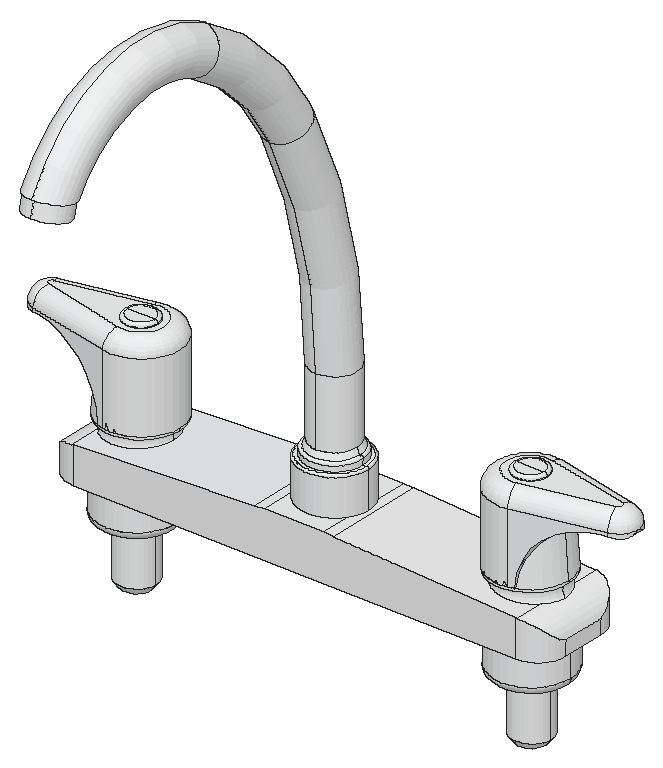
Revit family "435100001_Griferia Lavaplatos Dalia 8 Pulgadas", category Plumbing Fixtures, host Face, Revit 2020
Family settings
  Host = Face
  Round Connector Dimension = Use Diameter
  Part Type = Normal
  OmniClass Number = 23.31.11.00
  OmniClass Title = Faucets
  Cut with Voids When Loaded = No
  Shared = No
  Room Calculation Point = No
Parameters
  Work temperature = ""
  Vida útil = "500.000 ciclos."  # constant formula
  Temperaturas máxima de trabajo = "5ºC a 71ºC."  # constant formula
  Referencia = "435100001"  # constant formula
  URL = "https://www.grival.com/griferias-y-accesorios/griferia-para-cocina/griferias-lavaplatos-8-pulgadas/griferia-lavaplatos-dalia-8-pulgadas/"
  Profundidad = 221.4 mm  # constant formula
  Peso Neto aprox = "471,5 gr. / 1,03 lb."  # constant formula
  Peso Bruto aprox = "773,5 gr. / 1,7 lb."  # constant formula
  Model = "Conjunto  Griferia Lavaplatos 8 pulgadas Dalia"  # constant formula
  Material = Corona_Aluminio
  Manufacturer = "Grival"  # constant formula
  Garantía = "30  Años Grival - 2 Años Cromado"  # constant formula
  Fecha de creación = "06/04/2021"  # constant formula
  Description = "Resistente a la corrosión, pelado y decoloración por agua. Recubrimientos no tóxico. Condición de servicio recomendada, uso doméstico. Material Metálico (latón), mayor durabilidad, sistema apertura a 90º grados. Genera un chorro de agua espumoso, agradable al tacto y a la vista, ahorra agua. Acabado brillante, brinda la apariencia de material acero.nnGarantía por 45 añosn"  # constant formula
  Default Elevation = 1219.2 mm
  Creado por = "BIMBAU"  # constant formula
  Capacidad de flujo = "6,3 L/min."  # constant formula
  Ancho = 312 mm  # constant formula
  Alto = 343.8 mm  # constant formula
Reference planes
  plane 1 "Center (Front/Back)": y = 0
  plane 2: z = 0
  plane 3 "Center (Left/Right)": x = 0
  plane 4: y = 110.7
  plane 5: y = -110.7
  plane 6: x = -156
  plane 7: x = 156
  plane 8: z = 291.353
  plane 9: z = -52.447
  plane 10: y = 84.481
Forms (mm)
  Extrusion 1, solid, material "Corona_Aluminio" <- "Material", detail levels medium+fine
    sketch origin (0, 0, 0) x (1, 0, 0) y (0, 0, 1)
      loop
        line (-129, 0) -> (129, 0) -> (129, 3.822)
        arc (129, 3.822) -> (124.881, 14.147) -> (114.785, 18.801) r 15
        line (114.785, 18.801) -> (20.448, 23.745)
        arc (20.448, 23.745) -> (17.832, 23.848) -> (15.214, 23.882) r 100
        line (15.214, 23.882) -> (-15.214, 23.882)
        arc (-15.214, 23.882) -> (-17.832, 23.848) -> (-20.448, 23.745) r 100
        line (-20.448, 23.745) -> (-114.785, 18.801)
        arc (-114.785, 18.801) -> (-124.881, 14.147) -> (-129, 3.822) r 15
        line (-129, 3.822) -> (-129, 0)
    from -110.7 to -58.261
  Extrusion 2, void
    sketch origin (0, 0, 0) x (1, 0, 0) y (0, 1, 0)
      loop
        line (-136.308, 118.613) -> (-136.308, 48.613) -> (138.692, 48.613) -> (138.692, 118.613) -> (-136.308, 118.613)
      loop
        arc (-114, 110.2) -> (-124.253, 105.953) -> (-128.5, 95.7) r 14.5
        line (-128.5, 95.7) -> (-128.5, 73.261)
        arc (-128.5, 73.261) -> (-124.253, 63.008) -> (-114, 58.761) r 14.5
        line (-114, 58.761) -> (114, 58.761)
        arc (114, 58.761) -> (124.253, 63.008) -> (128.5, 73.261) r 14.5
        line (128.5, 73.261) -> (128.5, 95.7)
        arc (128.5, 95.7) -> (124.253, 105.953) -> (114, 110.2) r 14.5
        line (114, 110.2) -> (-114, 110.2)
    from -26.612 to 75.098
  Revolve 3, solid, material "Corona_Aluminio" <- "Material", detail levels medium+fine
    sketch origin (0, 84.481, 0) x (1, 0, 0) y (0, 0, 1)
      loop
        line (-14.7, 43.414) -> (-16.647, 43.414)
        arc (-16.647, 43.414) -> (-17.354, 43.121) -> (-17.647, 42.414) r 1
        line (-17.647, 42.414) -> (-17.647, 23.102) -> (0, 23.102) -> (0, 43.414) -> (0, 50.68) -> (-11.761, 50.68) -> (-13.2, 47.593)
        arc (-13.2, 47.593) -> (-14.261, 47.153) -> (-14.7, 46.093) r 1.5
        line (-14.7, 46.093) -> (-14.7, 43.414)
      axis (0, 50.68) -> (0, 23.102)
    angle from 0 to 360
  Sweep 4, solid, material "Corona_Aluminio" <- "Material", detail levels medium+fine
    path origin (0, 0, 0) x (0, 1, 0) y (0, 0, 1)
      loop
        line (96.242, 50.68) -> (96.242, 85.68)
        arc (96.242, 85.68) -> (87.954, 153.18) -> (63.582, 216.67) r 279.016
        arc (63.582, 216.67) -> (36.542, 253.212) -> (0, 280.252) r 153.775
        arc (0, 280.252) -> (-62.359, 286.256) -> (-110.7, 246.407) r 81.853
    profile origin (0, 96.242, 68.18) x (0, -1, 0) y (1, 0, 0)
      loop
        circle (11.761, 0) r 11.761
  Extrusion 5, void
    sketch origin (0, 0, 0) x (0, 1, 0) y (0, 0, 1)
      loop
        line (-118.097, 248.252) -> (-118.097, 231.203) -> (-74.433, 220.317) -> (-74.433, 237.365) -> (-118.097, 248.252)
    from -103.55 to 26.974
  Revolve 6, solid, material "Corona_Aluminio" <- "Material", detail levels medium+fine
    sketch origin (0, 0, 0) x (0, 1, 0) y (0, 0, 1)
      loop
        line (-88.052, 240.761) -> (-98.787, 243.437) -> (-100.755, 235.547) -> (-90.019, 232.87) -> (-88.052, 240.761)
      axis (-98.787, 243.437) -> (-100.755, 235.547)
    angle from 0 to 360
  Revolve 7, solid, material "Corona_Aluminio" <- "Material", detail levels medium+fine
    sketch origin (1.875, 84.481, 0) x (1, 0, 0) y (0, 0, 1)
      loop
        line (-123.721, 0) -> (-123.721, -17.615)
        arc (-123.721, -17.615) -> (-122.549, -20.443) -> (-119.721, -21.615) r 4
        line (-119.721, -21.615) -> (-113.721, -21.615) -> (-113.721, -49.29) -> (-111.51, -52.447) -> (-103.721, -52.447) -> (-103.721, -21.615) -> (-103.721, 0) -> (-123.721, 0)
      axis (-103.721, 0) -> (-103.721, -52.447)
    angle from 0 to 360
  Revolve 8, solid, material "Corona_Aluminio" <- "Material", detail levels medium+fine
    sketch origin (-1.875, 84.481, 0) x (-1, 0, 0) y (0, 0, -1)
      loop
        line (-123.721, 0) -> (-103.721, 0) -> (-103.721, 21.615) -> (-103.721, 52.447) -> (-111.51, 52.447) -> (-113.721, 49.29) -> (-113.721, 21.615) -> (-119.721, 21.615)
        arc (-119.721, 21.615) -> (-122.549, 20.443) -> (-123.721, 17.615) r 4
        line (-123.721, 17.615) -> (-123.721, 0)
      axis (-103.721, 0) -> (-103.721, 52.447)
    angle from 0 to 360
  Extrusion 9, solid, material "Corona_Aluminio" <- "Material", detail levels medium+fine
    sketch origin (-0.037, 120.364, 15.841) x (-1, 0, 0) y (0, -1, 0)
      loop
        line (104.476, 15.481) -> (148.179, 25.24)
        arc (148.179, 25.24) -> (156, 35) -> (148.179, 44.76) r 10
        line (148.179, 44.76) -> (104.476, 54.519)
        arc (104.476, 54.519) -> (80.117, 35) -> (104.476, 15.481) r 20
    from 10.998 to 55
  Extrusion 10, void
    sketch origin (-0.037, 120.364, 15.841) x (-1, 0, 0) y (0, 0, -1)
      loop
        arc (153.857, -44.795) -> (155.334, -45.306) -> (156, -46.72) r 2.012
        line (156, -46.72) -> (156, -10.998) -> (107.375, -10.998)
        arc (107.375, -10.998) -> (119.16, -36.224) -> (145.466, -45.349) r 35.758
        line (145.466, -45.349) -> (153.857, -44.795)
    from 0 to 75.224
  Sweep 11, void
    path origin (-0.037, 120.364, 70.841) x (-1, 0, 0) y (0, -1, 0)
      loop
        arc (148.179, 25.24) -> (156, 35) -> (148.179, 44.76) r 10
        line (148.179, 44.76) -> (104.476, 54.519)
        arc (104.476, 54.519) -> (80.117, 35) -> (104.476, 15.481) r 20
        line (104.476, 15.481) -> (148.179, 25.24)
    profile origin (-126.364, 100.004, 70.841) x (-0.217944, 0.975961, 0) y (0, 0, 1)
      loop
        line (0, 0) -> (-8, 0)
        arc (-8, 0) -> (-2.343, -2.343) -> (0, -8) r 8
        line (0, -8) -> (0, 0)
  Revolve 12, solid, material "Corona_Aluminio" <- "Material", detail levels medium+fine
    sketch origin (-0.037, 85.364, 27.868) x (0, 0, -1) y (-1, 0, 0)
      loop
        line (1.03, 120.428) -> (-28.629, 118.354) -> (-28.629, 109.031) -> (-43.025, 109.031)
        arc (-43.025, 109.031) -> (-44.159, 108.562) -> (-44.629, 107.428) r 1.603
        line (-44.629, 107.428) -> (-44.629, 100.428) -> (12.027, 100.428) -> (12.027, 120.428)
        arc (12.027, 120.428) -> (7.601, 117.412) -> (2.262, 117.838) r 8.055
        line (2.262, 117.838) -> (2.262, 120.428) -> (1.03, 120.428)
      axis (-44.629, 100.428) -> (12.027, 100.428)
    angle from 0 to 360
  Extrusion 13, solid, material "Corona_Aluminio" <- "Material", detail levels medium+fine
    sketch origin (0.037, 120.364, 15.841) x (1, 0, 0) y (0, 1, 0)
      loop
        arc (104.476, -15.481) -> (80.117, -35) -> (104.476, -54.519) r 20
        line (104.476, -54.519) -> (148.179, -44.76)
        arc (148.179, -44.76) -> (156, -35) -> (148.179, -25.24) r 10
        line (148.179, -25.24) -> (104.476, -15.481)
    from 10.998 to 55
  Extrusion 14, void
    sketch origin (0.037, 120.364, 15.841) x (1, 0, 0) y (0, 0, 1)
      loop
        line (153.857, 44.795) -> (145.466, 45.349)
        arc (145.466, 45.349) -> (119.16, 36.224) -> (107.375, 10.998) r 35.758
        line (107.375, 10.998) -> (156, 10.998) -> (156, 46.72)
        arc (156, 46.72) -> (155.334, 45.306) -> (153.857, 44.795) r 2.012
    from 0 to 75.224
  Sweep 15, void
    path origin (0.037, 120.364, 70.841) x (1, 0, 0) y (0, 1, 0)
      loop
        line (148.179, -25.24) -> (104.476, -15.481)
        arc (104.476, -15.481) -> (80.117, -35) -> (104.476, -54.519) r 20
        line (104.476, -54.519) -> (148.179, -44.76)
        arc (148.179, -44.76) -> (156, -35) -> (148.179, -25.24) r 10
    profile origin (126.364, 100.004, 70.841) x (-0.217944, -0.975961, 0) y (0, 0, 1)
      loop
        line (0, 0) -> (0, -8)
        arc (0, -8) -> (2.343, -2.343) -> (8, 0) r 8
        line (8, 0) -> (0, 0)
  Revolve 16, solid, material "Corona_Aluminio" <- "Material", detail levels medium+fine
    sketch origin (0.037, 85.364, 27.868) x (0, 0, -1) y (-1, 0, 0)
      loop
        line (1.03, -120.428) -> (2.262, -120.428) -> (2.262, -117.838)
        arc (2.262, -117.838) -> (7.601, -117.412) -> (12.027, -120.428) r 8.055
        line (12.027, -120.428) -> (12.027, -100.428) -> (-44.629, -100.428) -> (-44.629, -107.428)
        arc (-44.629, -107.428) -> (-44.159, -108.562) -> (-43.025, -109.031) r 1.603
        line (-43.025, -109.031) -> (-28.629, -109.031) -> (-28.629, -118.354) -> (1.03, -120.428)
      axis (-44.629, -100.428) -> (12.027, -100.428)
    angle from 0 to 360
  Extrusion 17, solid, material "Corona_Aluminio" <- "Material", detail levels coarse
    sketch origin (0, 0, 0) x (1, 0, 0) y (0, 1, 0)
      loop
        line (-156, 110.7) -> (-156, -110.7) -> (156, -110.7) -> (156, 110.7) -> (-156, 110.7)
    from 0 to 289.801
Cuts and joins
  Extrusion 2 cuts Extrusion 1
  Extrusion 5 cuts Sweep 4
  Extrusion 10, Sweep 11, Extrusion 14, Sweep 15 cuts Extrusion 9
  Extrusion 14 cuts Revolve 12
  Extrusion 14, Sweep 15 cuts Extrusion 13
Dimensions and locks
  equal spacing: plane 6, plane 3 "Center (Left/Right)", plane 7
  "Ancho": plane 6 to plane 7
  equal spacing: plane 4, plane 1 "Center (Front/Back)", plane 5
  "Profundidad": plane 4 to plane 5
  "Alto": plane 8 to plane 9
  locked: level to plane 9 at 52.447
  aligned and locked: plane 2 to host face
  aligned and locked: level to host face
  aligned and locked: nested 1 to level
  aligned and locked: plane 3 "Center (Left/Right)" to nested 1
  aligned and locked: nested 2 to plane 4
  aligned and locked: nested 2 to level
Automatic sketch dimensions
  host sketch curve to host sketch curve = 412 mm
  host sketch curve to host sketch curve = 321.4 mm
  Extrusion 1 sketch curve to level = 0 mm
  plane 6 to Extrusion 1 sketch curve = 27 mm
  level to Extrusion 1 sketch curve = 18.801 mm  (x2)
  Extrusion 1 sketch curve to Extrusion 1 sketch curve = 14.215 mm
  level to Extrusion 1 sketch curve = 3.822 mm  (x2)
  Extrusion 1 sketch curve to plane 3 "Center (Left/Right)" = 20.448 mm
  Extrusion 1 sketch curve to plane 3 "Center (Left/Right)" = 15.214 mm
  plane 3 "Center (Left/Right)" to Extrusion 1 sketch curve = 15.214 mm
  Extrusion 1 sketch curve to Extrusion 1 sketch curve = 5.234 mm
  Extrusion 1 sketch curve to plane 7 = 42 mm
  Extrusion 1 sketch curve to Extrusion 1 sketch curve = 0.785 mm
  plane 9 to Extrusion 1 sketch curve = 23.671 mm  (x2)
  level to Extrusion 1 sketch curve = 23.745 mm
  plane 6 to Extrusion 2 sketch curve = 19.692 mm
  Extrusion 2 sketch curve to Extrusion 2 sketch curve = 7.808 mm
  Extrusion 2 sketch curve to plane 4 = 0.5 mm
  Extrusion 2 sketch curve to Extrusion 2 sketch curve = 14.5 mm  (x2)
  plane 10 to Extrusion 2 sketch curve = 11.219 mm  (x2)
  Extrusion 2 sketch curve to plane 7 = 42 mm
  Extrusion 2 sketch curve to Extrusion 2 sketch curve = 0 mm
  plane 4 to Extrusion 2 sketch curve = 7.913 mm
  Extrusion 2 sketch curve to plane 7 = 17.308 mm
  Extrusion 2 sketch curve to Extrusion 2 sketch curve = 24.649 mm
  Revolve 3 sketch curve to plane 3 "Center (Left/Right)" = 0 mm  (x2)
  Revolve 3 sketch curve to plane 3 "Center (Left/Right)" = 11.761 mm
  Revolve 3 sketch curve to Revolve 3 sketch curve = 1.44 mm
  Revolve 3 sketch curve to Revolve 3 sketch curve = 1.5 mm
  Revolve 3 sketch curve to Revolve 3 sketch curve = 1.947 mm
  Revolve 3 sketch curve to plane 3 "Center (Left/Right)" = 17.647 mm
  level to Revolve 3 sketch curve = 23.102 mm
  Revolve 3 sketch curve to Revolve 3 sketch curve = 19.312 mm
  Revolve 3 sketch curve to Revolve 3 sketch curve = 0 mm
  Revolve 3 sketch curve to Revolve 3 sketch curve = 2.678 mm
  Revolve 3 sketch curve to Revolve 3 sketch curve = 3.087 mm
  Revolve 3 sketch curve to Revolve 3 sketch curve = 8.106 mm
  Revolve 3 sketch curve to Revolve 3 sketch curve = 5 mm
  Sweep 4 sketch curve to plane 5 = 0 mm
  Sweep 4 sketch curve to plane 1 "Center (Front/Back)" = 0 mm  (x2)
  Sweep 4 sketch curve to plane 5 = 72.074 mm
  plane 5 to Sweep 4 sketch curve = 38.507 mm
  plane 1 "Center (Front/Back)" to Sweep 4 sketch curve = 38.428 mm
  Sweep 4 sketch curve to plane 10 = 11.761 mm
  level to Sweep 4 sketch curve = 85.68 mm
  Sweep 4 sketch curve to Sweep 4 sketch curve = 58.797 mm
  Sweep 4 sketch curve to Sweep 4 sketch curve = 63.503 mm
  Sweep 4 sketch curve to Sweep 4 sketch curve = 35 mm
  Sweep 4 sketch curve to plane 3 "Center (Left/Right)" = 0 mm
  Sweep 4 sketch curve to profile plane = 11.761 mm
  Extrusion 5 sketch curve to plane 5 = 7.397 mm
  plane 5 to Extrusion 5 sketch curve = 36.267 mm
  Extrusion 5 sketch curve to plane 8 = 71.036 mm
  Extrusion 5 sketch curve to Extrusion 5 sketch curve = 10.886 mm
  Extrusion 5 sketch curve to Extrusion 5 sketch curve = 17.049 mm  (x2)
  plane 5 to Revolve 6 sketch curve = 9.945 mm
  Revolve 6 sketch curve to Revolve 6 sketch curve = 1.967 mm
  Revolve 6 sketch curve to Revolve 6 sketch curve = 10.736 mm
  Revolve 6 sketch curve to plane 8 = 58.483 mm
  Revolve 6 sketch curve to Revolve 6 sketch curve = 2.677 mm
  Revolve 6 sketch curve to Revolve 6 sketch curve = 0.222 mm
  Revolve 6 sketch curve to Revolve 6 sketch curve = 0.758 mm
  Revolve 6 sketch curve to Revolve 6 sketch curve = 0.892 mm
  Revolve 6 sketch curve to Revolve 6 sketch curve = 3.039 mm
  Revolve 7 sketch curve to level = 0 mm
  Revolve 7 sketch curve to plane 9 = 0 mm
  plane 6 to Revolve 7 sketch curve = 34.154 mm
  Revolve 7 sketch curve to Revolve 7 sketch curve = 4 mm
  Revolve 7 sketch curve to Revolve 7 sketch curve = 6 mm
  Revolve 7 sketch curve to Revolve 7 sketch curve = 2.211 mm
  Revolve 7 sketch curve to Revolve 7 sketch curve = 20 mm
  Revolve 7 sketch curve to plane 9 = 3.157 mm
  Revolve 7 sketch curve to level = 21.615 mm
  Revolve 7 sketch curve to Revolve 7 sketch curve = 0 mm  (x2)
  Revolve 7 sketch curve to Revolve 7 sketch curve = 4.488 mm
  Revolve 7 sketch curve to Revolve 7 sketch curve = 5.512 mm
  Revolve 8 sketch curve to level = 0 mm
  Revolve 8 sketch curve to plane 9 = 0 mm
  Revolve 8 sketch curve to plane 7 = 34.154 mm
  Revolve 8 sketch curve to Revolve 8 sketch curve = 4 mm
  Revolve 8 sketch curve to Revolve 8 sketch curve = 6 mm
  Revolve 8 sketch curve to Revolve 8 sketch curve = 2.211 mm
  Revolve 8 sketch curve to Revolve 8 sketch curve = 20 mm
  Revolve 8 sketch curve to Revolve 8 sketch curve = 17.615 mm
  Revolve 8 sketch curve to Revolve 8 sketch curve = 0 mm  (x2)
  Revolve 8 sketch curve to plane 9 = 3.157 mm
  Revolve 8 sketch curve to Revolve 8 sketch curve = 5.512 mm
  Revolve 8 sketch curve to Revolve 8 sketch curve = 4.488 mm
  plane 10 to Extrusion 9 sketch curve = 0.884 mm  (x2)
  Extrusion 9 sketch curve to plane 6 = 55.847 mm
  Extrusion 9 sketch curve to plane 10 = 18.636 mm
  Extrusion 9 sketch curve to Extrusion 9 sketch curve = 4.359 mm
  plane 4 to Extrusion 9 sketch curve = 5.817 mm
  Extrusion 9 sketch curve to plane 6 = 9.963 mm
  Extrusion 9 sketch curve to plane 6 = 7.784 mm  (x2)
  Extrusion 9 sketch curve to plane 10 = 8.876 mm
  Extrusion 10 sketch curve to plane 6 = 48.588 mm
  Extrusion 10 sketch curve to plane 6 = 12.855 mm
  Extrusion 10 sketch curve to plane 6 = 10.498 mm
  Extrusion 10 sketch curve to plane 6 = 2.106 mm
  Extrusion 10 sketch curve to plane 6 = 1.974 mm
  plane 6 to Extrusion 10 sketch curve = 0.037 mm
  Extrusion 10 sketch curve to level = 25.511 mm
  Extrusion 10 sketch curve to Extrusion 10 sketch curve = 1.328 mm
  Extrusion 10 sketch curve to Extrusion 10 sketch curve = 0.554 mm
  Extrusion 10 sketch curve to Extrusion 10 sketch curve = 1.925 mm
  Sweep 11 sketch curve to plane 10 = 0.884 mm  (x2)
  plane 6 to Sweep 11 sketch curve = 55.847 mm
  Sweep 11 sketch curve to plane 4 = 5.817 mm
  Sweep 11 sketch curve to Sweep 11 sketch curve = 4.359 mm
  plane 10 to Sweep 11 sketch curve = 18.636 mm
  plane 6 to Sweep 11 sketch curve = 9.963 mm
  plane 6 to Sweep 11 sketch curve = 7.784 mm  (x2)
  Sweep 11 sketch curve to Sweep 11 sketch curve = 9.76 mm
  profile plane to Sweep 11 sketch curve = 0 mm
  Sweep 11 sketch curve to profile plane = 0 mm
  profile plane to Sweep 11 sketch curve = 8 mm
  level to Revolve 12 sketch curve = 72.497 mm
  Revolve 12 sketch curve to Revolve 12 sketch curve = 1.603 mm
  Revolve 12 sketch curve to Revolve 12 sketch curve = 14.397 mm
  level to Revolve 12 sketch curve = 26.839 mm
  Revolve 12 sketch curve to Revolve 12 sketch curve = 1.233 mm
  Revolve 12 sketch curve to Revolve 12 sketch curve = 3.274 mm
  Revolve 12 sketch curve to Revolve 12 sketch curve = 6.491 mm
  plane 6 to Revolve 12 sketch curve = 55.535 mm
  Revolve 12 sketch curve to Revolve 12 sketch curve = 7 mm
  Revolve 12 sketch curve to Revolve 12 sketch curve = 17.41 mm
  Revolve 12 sketch curve to Revolve 12 sketch curve = 9.323 mm
  Revolve 12 sketch curve to Revolve 12 sketch curve = 2.59 mm
  Revolve 12 sketch curve to Revolve 12 sketch curve = 0 mm  (x2)
  Revolve 12 sketch curve to Revolve 12 sketch curve = 12.027 mm
  level to Revolve 12 sketch curve = 2.868 mm
  Extrusion 13 sketch curve to plane 10 = 0.884 mm  (x2)
  Extrusion 13 sketch curve to plane 7 = 55.847 mm
  plane 10 to Extrusion 13 sketch curve = 18.636 mm
  Extrusion 13 sketch curve to Extrusion 13 sketch curve = 4.359 mm
  Extrusion 13 sketch curve to plane 4 = 5.817 mm
  Extrusion 13 sketch curve to plane 7 = 9.963 mm
  Extrusion 13 sketch curve to plane 7 = 7.784 mm  (x2)
  plane 10 to Extrusion 13 sketch curve = 8.876 mm
  Extrusion 14 sketch curve to plane 7 = 48.588 mm
  Extrusion 14 sketch curve to plane 7 = 12.855 mm
  Extrusion 14 sketch curve to plane 7 = 10.498 mm
  Extrusion 14 sketch curve to plane 7 = 2.106 mm
  Extrusion 14 sketch curve to plane 7 = 1.974 mm
  plane 7 to Extrusion 14 sketch curve = 0.037 mm
  level to Extrusion 14 sketch curve = 25.511 mm
  Extrusion 14 sketch curve to Extrusion 14 sketch curve = 1.328 mm
  Extrusion 14 sketch curve to Extrusion 14 sketch curve = 0.554 mm
  Extrusion 14 sketch curve to Extrusion 14 sketch curve = 1.925 mm
  Sweep 15 sketch curve to plane 10 = 0.884 mm  (x2)
  Sweep 15 sketch curve to plane 7 = 55.847 mm
  Sweep 15 sketch curve to plane 4 = 5.817 mm
  Sweep 15 sketch curve to Sweep 15 sketch curve = 4.359 mm
  plane 10 to Sweep 15 sketch curve = 18.636 mm
  Sweep 15 sketch curve to plane 7 = 9.963 mm
  Sweep 15 sketch curve to plane 7 = 7.784 mm  (x2)
  plane 10 to Sweep 15 sketch curve = 8.876 mm
  Sweep 15 sketch curve to profile plane = 0 mm
  profile plane to Sweep 15 sketch curve = 0 mm
  Sweep 15 sketch curve to profile plane = 8 mm
  level to Revolve 16 sketch curve = 72.497 mm
  Revolve 16 sketch curve to Revolve 16 sketch curve = 1.603 mm
  Revolve 16 sketch curve to Revolve 16 sketch curve = 14.397 mm
  level to Revolve 16 sketch curve = 26.839 mm
  Revolve 16 sketch curve to Revolve 16 sketch curve = 1.233 mm
  Revolve 16 sketch curve to Revolve 16 sketch curve = 3.274 mm
  Revolve 16 sketch curve to Revolve 16 sketch curve = 6.491 mm
  Revolve 16 sketch curve to plane 7 = 30.766 mm
  Revolve 16 sketch curve to Revolve 16 sketch curve = 4.769 mm  (x2)
  Revolve 16 sketch curve to Revolve 16 sketch curve = 2.074 mm
  Revolve 16 sketch curve to Revolve 16 sketch curve = 9.323 mm
  Revolve 16 sketch curve to Revolve 16 sketch curve = 17.41 mm
  Revolve 16 sketch curve to Revolve 16 sketch curve = 12.027 mm
  level to Revolve 16 sketch curve = 2.868 mm
  Revolve 16 sketch curve to Revolve 16 sketch curve = 0 mm
  Extrusion 17 sketch curve to plane 5 = 0 mm
  Extrusion 17 sketch curve to plane 6 = 0 mm
  Extrusion 17 sketch curve to plane 7 = 0 mm
  Extrusion 17 sketch curve to plane 4 = 0 mm
  radius of Sweep 4 sketch curve = 11.761 mm
Nested families
  nested 1: "Frontal" at (0, 0, 0) x (1, 0, 0) z (0, -1, 0), type "Frontal"
  nested 2: "Lateral" at (0, 0, 0) x (0, 1, 0) z (1, 0, 0), type "Lateral"
Connectors
  piping at (-101.846, 84.481, -52.447), diameter 12.7
    settings: on Revolve 7, index 1, connector inside diameter 609.6 mm, connector length 0 mm, flow factor 0, pipe flow 0.0 L/s, pressure drop 0.0 Pa, fitting loss kfactor 0, connector angle 0.00°, fixture units 0, engagement length 0 mm, angle of deflection 0.00°, flow configuration 0, flow direction 1, fitting loss method 0, system type 19, joint type 0, gender type 0, connector reference index -1, connector utility 0, adjustable connector no, is connector primary yes, connector description ""
  piping at (101.846, 84.481, -52.447), diameter 12.7
    settings: on Revolve 8, index 2, connector inside diameter 609.6 mm, connector length 0 mm, flow factor 0, pipe flow 0.0 L/s, pressure drop 0.0 Pa, fitting loss kfactor 0, connector angle 0.00°, fixture units 0, engagement length 0 mm, angle of deflection 0.00°, flow configuration 0, flow direction 1, fitting loss method 0, system type 20, joint type 0, gender type 0, connector reference index -1, connector utility 0, adjustable connector no, is connector primary no, connector description ""
Definition of nested family "Frontal"
  Parameters (values of type "Family1")
    Ancho = 312 mm
    Alto = 293.9 mm
  Reference planes
    plane 1 "Center (Front/Back)": y = 0
    plane 2: z = 0
    plane 3 "Center (Left/Right)": x = 0
    plane 4: x = -156
    plane 5: x = 156
    plane 6: y = 293.9
  Lines and regions (mm)
    Masking region 1, in view "Ref. Level"
      outline origin (0, 0, 0) x (1, 0, 0) y (0, 1, 0)
        loop
          line (-126.6, 0) -> (126.6, 0) -> (126.6, 9.216)
          arc (126.6, 9.216) -> (124.955, 14.711) -> (120.561, 18.398) r 10
          arc (120.561, 18.398) -> (118.804, 19.873) -> (118.146, 22.07) r 4
          line (118.146, 22.07) -> (118.146, 27.694) -> (121.779, 27.694) -> (120.321, 55.518)
          arc (120.321, 55.518) -> (132.042, 61.578) -> (145.168, 62.919) r 35.355
          line (145.168, 62.919) -> (153.119, 62.235)
          arc (153.119, 62.235) -> (155.965, 64.486) -> (153.89, 67.463) r 2.647
          arc (153.89, 67.463) -> (121.512, 71.126) -> (89.021, 68.663) r 173.303
          arc (89.021, 68.663) -> (84.393, 66.093) -> (82.383, 61.197) r 8
          line (82.383, 61.197) -> (80.628, 27.694) -> (84.134, 27.694) -> (84.134, 25.046)
          arc (84.134, 25.046) -> (83.186, 22.857) -> (80.94, 22.051) r 3.001
          arc (80.94, 22.051) -> (50.949, 23.618) -> (20.929, 24.472) r 1264.202
          arc (20.929, 24.472) -> (18.837, 25.369) -> (17.974, 27.476) r 3.004
          line (17.974, 27.476) -> (17.974, 44.998)
          arc (17.974, 44.998) -> (16.635, 49.878) -> (12.045, 52.007) r 6.012
          line (12.045, 52.007) -> (12.045, 241.626)
          spline (12.045, 241.626) -> (12.652, 241.887) -> (13.214, 242.16) -> (13.728, 242.445) -> (14.194, 242.74) -> (14.608, 243.045) -> (14.971, 243.358) -> (15.28, 243.677) -> (15.534, 244.003) -> (15.733, 244.334) -> (15.875, 244.668) -> (15.961, 245.005) -> (15.989, 245.342)
          line (15.989, 245.342) -> (11.932, 283.18)
          arc (11.932, 283.18) -> (0, 293.9) -> (-11.932, 283.18) r 12
          line (-11.932, 283.18) -> (-15.989, 245.342)
          spline (-15.989, 245.342) -> (-15.961, 245.005) -> (-15.875, 244.668) -> (-15.733, 244.334) -> (-15.534, 244.003) -> (-15.28, 243.677) -> (-14.971, 243.358) -> (-14.608, 243.045) -> (-14.194, 242.74) -> (-13.728, 242.445) -> (-13.214, 242.16) -> (-12.652, 241.887) -> (-12.045, 241.626)
          line (-12.045, 241.626) -> (-12.045, 52.007)
          arc (-12.045, 52.007) -> (-16.635, 49.878) -> (-17.974, 44.998) r 6.012
          line (-17.974, 44.998) -> (-17.974, 27.476)
          arc (-17.974, 27.476) -> (-18.837, 25.369) -> (-20.929, 24.472) r 3.004
          arc (-20.929, 24.472) -> (-50.949, 23.618) -> (-80.94, 22.051) r 1264.202
          arc (-80.94, 22.051) -> (-83.186, 22.857) -> (-84.134, 25.046) r 3.001
          line (-84.134, 25.046) -> (-84.134, 27.694) -> (-80.628, 27.694) -> (-82.383, 61.197)
          arc (-82.383, 61.197) -> (-84.393, 66.093) -> (-89.021, 68.663) r 8
          arc (-89.021, 68.663) -> (-121.512, 71.126) -> (-153.89, 67.463) r 173.303
          arc (-153.89, 67.463) -> (-155.965, 64.486) -> (-153.119, 62.235) r 2.647
          line (-153.119, 62.235) -> (-145.168, 62.919)
          arc (-145.168, 62.919) -> (-132.042, 61.578) -> (-120.321, 55.518) r 35.355
          line (-120.321, 55.518) -> (-121.779, 27.694) -> (-118.146, 27.694) -> (-118.146, 22.07)
          arc (-118.146, 22.07) -> (-118.804, 19.873) -> (-120.561, 18.398) r 4
          arc (-120.561, 18.398) -> (-124.955, 14.711) -> (-126.6, 9.216) r 10
          line (-126.6, 9.216) -> (-126.6, 0)
    detail lines, in view "Ref. Level"
      curve 1: arc (-20.804, 24.476, 0) -> (-10.283, 24.606, 0) -> (0.239, 24.648, 0) r 1264.204
      curve 2: arc (120.561, 18.398, 0) -> (119.076, 18.904, 0) -> (117.53, 19.172, 0) r 10
      curve 3: arc (0.239, 24.648, 0) -> (10.588, 24.603, 0) -> (20.937, 24.474, 0) r 1264.204
      curve 4: line (-17.986, 45, 0) -> (17.986, 45, 0)
      curve 5: line (-12.07, 52, 0) -> (12.07, 52, 0)
      curve 6: spline (0, 231.859, 0) -> (-2.196, 231.959, 0) -> (-4.243, 232.252, 0) -> (-6.001, 232.719, 0) -> (-7.35, 233.327, 0) -> (-8.197, 234.035, 0) -> (-8.487, 234.795, 0) -> (-8.197, 235.555, 0) -> (-7.35, 236.263, 0) -> (-6.001, 236.871, 0) -> (-4.243, 237.338, 0) -> (-2.196, 237.631, 0) -> (0, 237.731, 0) -> (2.196, 237.631, 0) -> (4.243, 237.338, 0) -> (6.001, 236.871, 0) -> (7.35, 236.263, 0) -> (8.197, 235.555, 0) -> (8.487, 234.795, 0) -> (8.197, 234.035, 0) -> (7.35, 233.327, 0) -> (6.001, 232.719, 0) -> (4.243, 232.252, 0) -> (2.196, 231.959, 0) -> (0, 231.859, 0)
      curve 7: spline (-9.157, 241.043, 0) -> (-11.376, 241.9, 0) -> (-11.982, 242.875, 0) -> (-10.887, 243.829, 0) -> (-8.248, 244.628, 0) -> (-4.439, 245.157, 0) -> (0, 245.342, 0) -> (4.439, 245.157, 0) -> (8.248, 244.628, 0) -> (10.887, 243.829, 0) -> (11.982, 242.875, 0) -> (11.376, 241.9, 0) -> (9.157, 241.043, 0)
      curve 8: spline (-9.12, 240.7, 0) -> (-9.387, 240.767, 0) -> (-9.651, 240.836, 0) -> (-9.91, 240.907, 0) -> (-10.166, 240.98, 0) -> (-10.417, 241.055, 0) -> (-10.663, 241.131, 0) -> (-10.905, 241.209, 0) -> (-11.143, 241.289, 0) -> (-11.376, 241.371, 0) -> (-11.604, 241.454, 0) -> (-11.827, 241.539, 0) -> (-12.045, 241.626, 0)
      curve 9: spline (-13.442, 245.26, 0) -> (-12.984, 245.937, 0) -> (-11.641, 246.568, 0) -> (-9.505, 247.11, 0) -> (-6.721, 247.525, 0) -> (-3.479, 247.787, 0) -> (0, 247.876, 0) -> (3.479, 247.787, 0) -> (6.721, 247.525, 0) -> (9.505, 247.11, 0) -> (11.641, 246.568, 0) -> (12.984, 245.937, 0) -> (13.442, 245.26, 0)
      curve 10: line (-12, 242.731, 0) -> (-13.442, 245.26, 0)
      curve 11: line (12, 242.731, 0) -> (13.442, 245.26, 0)
      curve 12: line (-8.487, 234.795, 0) -> (-9.287, 242.254, 0)
      curve 13: line (8.487, 234.795, 0) -> (9.287, 242.254, 0)
      curve 14: spline (-9.287, 242.254, 0) -> (-8.97, 242.724, 0) -> (-8.042, 243.162, 0) -> (-6.567, 243.538, 0) -> (-4.643, 243.826, 0) -> (-2.404, 244.008, 0) -> (0, 244.069, 0) -> (2.404, 244.008, 0) -> (4.643, 243.826, 0) -> (6.567, 243.538, 0) -> (8.042, 243.162, 0) -> (8.97, 242.724, 0) -> (9.287, 242.254, 0)
      curve 15: arc (106.779, 27.694, 0) -> (110.345, 43.166, 0) -> (120.321, 55.518, 0) r 35.355
      curve 16: line (106.779, 27.694, 0) -> (84.134, 27.694, 0)
      curve 17: arc (155.751, 63.765, 0) -> (119.109, 65.684, 0) -> (82.557, 62.488, 0) r 263.141
      curve 18: line (106.779, 27.694, 0) -> (121.779, 27.694, 0)
      curve 19: line (-126.6, 9.216, 0) -> (126.6, 9.216, 0)
      curve 20: arc (-125.961, 12.733, 0) -> (0, 18.414, 0) -> (125.961, 12.733, 0) r 1399.345
      curve 21: arc (81.066, 22.046, 0) -> (99.308, 20.741, 0) -> (117.53, 19.172, 0) r 1264.204
      curve 22: spline (-15.989, 245.342, 0) -> (-15.428, 246.827, 0) -> (-13.782, 248.208, 0) -> (-11.167, 249.387, 0) -> (-7.768, 250.282, 0) -> (-3.824, 250.83, 0) -> (0.39, 250.992, 0) -> (4.576, 250.758, 0) -> (8.441, 250.142, 0) -> (11.712, 249.19, 0) -> (14.161, 247.967, 0) -> (15.614, 246.56, 0) -> (15.97, 245.067, 0)
      curve 23: spline (12.045, 241.626, 0) -> (11.827, 241.539, 0) -> (11.604, 241.454, 0) -> (11.376, 241.371, 0) -> (11.143, 241.289, 0) -> (10.905, 241.209, 0) -> (10.663, 241.131, 0) -> (10.417, 241.055, 0) -> (10.166, 240.98, 0) -> (9.91, 240.907, 0) -> (9.651, 240.836, 0) -> (9.387, 240.767, 0) -> (9.12, 240.7, 0)
      curve 24: arc (-120.561, 18.398, 0) -> (-119.076, 18.904, 0) -> (-117.53, 19.172, 0) r 10
      curve 25: arc (-106.779, 27.694, 0) -> (-110.345, 43.166, 0) -> (-120.321, 55.518, 0) r 35.355
      curve 26: line (-106.779, 27.694, 0) -> (-84.134, 27.694, 0)
      curve 27: arc (-155.751, 63.765, 0) -> (-119.109, 65.684, 0) -> (-82.557, 62.488, 0) r 263.141
      curve 28: line (-106.779, 27.694, 0) -> (-121.779, 27.694, 0)
      curve 29: arc (-81.066, 22.046, 0) -> (-99.308, 20.741, 0) -> (-117.53, 19.172, 0) r 1264.204
  Dimensions and locks
    equal spacing: plane 4, plane 3 "Center (Left/Right)", plane 5
    "Ancho": plane 4 to plane 5
    "Alto": plane 1 "Center (Front/Back)" to plane 6
  Automatic sketch dimensions
    Masking region 1 sketch curve to Masking region 1 sketch curve = 0.001 mm
    Masking region 1 sketch curve to Masking region 1 sketch curve = 0 mm  (x9)
    plane 1 "Center (Front/Back)" to Masking region 1 sketch curve = 0 mm
    Masking region 1 sketch curve to plane 3 "Center (Left/Right)" = 0 mm  (x3)
    Masking region 1 sketch curve to plane 1 "Center (Front/Back)" = 27.694 mm  (x2)
    plane 4 to Masking region 1 sketch curve = 75.372 mm
    Masking region 1 sketch curve to Masking region 1 sketch curve = 0.505 mm  (x2)
    Masking region 1 sketch curve to Masking region 1 sketch curve = 1.756 mm  (x2)
    Masking region 1 sketch curve to Masking region 1 sketch curve = 3.506 mm
    Masking region 1 sketch curve to Masking region 1 sketch curve = 7.989 mm  (x2)
    Masking region 1 sketch curve to plane 1 "Center (Front/Back)" = 9.216 mm  (x2)
    Masking region 1 sketch curve to Masking region 1 sketch curve = 32.466 mm  (x2)
    Masking region 1 sketch curve to Masking region 1 sketch curve = 1.546 mm  (x2)
    plane 4 to Masking region 1 sketch curve = 37.695 mm
    Masking region 1 sketch curve to Masking region 1 sketch curve = 2.175 mm  (x2)
    Masking region 1 sketch curve to Masking region 1 sketch curve = 3.634 mm  (x2)
    Masking region 1 sketch curve to Masking region 1 sketch curve = 4 mm  (x2)
    Masking region 1 sketch curve to Masking region 1 sketch curve = 10 mm  (x2)
    plane 4 to Masking region 1 sketch curve = 13.865 mm
    plane 4 to Masking region 1 sketch curve = 10.832 mm
    plane 4 to Masking region 1 sketch curve = 2.881 mm
    Masking region 1 sketch curve to Masking region 1 sketch curve = 0.227 mm  (x2)
    Masking region 1 sketch curve to Masking region 1 sketch curve = 3.001 mm
    plane 5 to Masking region 1 sketch curve = 37.695 mm
    plane 5 to Masking region 1 sketch curve = 13.865 mm
    plane 5 to Masking region 1 sketch curve = 10.832 mm
    plane 5 to Masking region 1 sketch curve = 2.881 mm
    plane 1 "Center (Front/Back)" to Masking region 1 sketch curve = 102.148 mm  (x2)
    Masking region 1 sketch curve to Masking region 1 sketch curve = 12.855 mm  (x2)
    Masking region 1 sketch curve to Masking region 1 sketch curve = 2.648 mm  (x2)
    Masking region 1 sketch curve to Masking region 1 sketch curve = 5.624 mm  (x2)
    Masking region 1 sketch curve to Masking region 1 sketch curve = 27.824 mm  (x2)
    Masking region 1 sketch curve to Masking region 1 sketch curve = 5.26 mm  (x2)
    Masking region 1 sketch curve to Masking region 1 sketch curve = 0.419 mm  (x2)
    Masking region 1 sketch curve to Masking region 1 sketch curve = 0.685 mm  (x2)
    Masking region 1 sketch curve to Masking region 1 sketch curve = 2.637 mm  (x2)
    Masking region 1 sketch curve to Masking region 1 sketch curve = 3.004 mm  (x2)
    Masking region 1 sketch curve to Masking region 1 sketch curve = 0.05 mm  (x3)
    Masking region 1 sketch curve to Masking region 1 sketch curve = 17.522 mm  (x2)
    Masking region 1 sketch curve to Masking region 1 sketch curve = 5.929 mm  (x2)
    Masking region 1 sketch curve to Masking region 1 sketch curve = 0.997 mm  (x2)
    Masking region 1 sketch curve to Masking region 1 sketch curve = 20.526 mm
    Masking region 1 sketch curve to plane 6 = 52.274 mm
    Masking region 1 sketch curve to Masking region 1 sketch curve = 1.935 mm
    Masking region 1 sketch curve to plane 3 "Center (Left/Right)" = 11.932 mm
    Masking region 1 sketch curve to Masking region 1 sketch curve = 3.717 mm  (x2)
    Masking region 1 sketch curve to plane 6 = 10.72 mm  (x2)
    plane 3 "Center (Left/Right)" to Masking region 1 sketch curve = 11.932 mm
    Masking region 1 sketch curve to Masking region 1 sketch curve = 1.28 mm
    Masking region 1 sketch curve to Masking region 1 sketch curve = 3.944 mm  (x2)
    curve 1 to curve 3 = 0 mm  (x2)
    curve 1 to curve 21 = 0 mm  (x2)
    curve 1 to curve 29 = 0 mm  (x2)
    curve 3 to curve 21 = 0 mm  (x2)
    curve 3 to curve 29 = 0 mm  (x2)
    curve 21 to curve 29 = 0 mm  (x2)
    curve 8 to plane 3 "Center (Left/Right)" = 0 mm
    curve 3 to plane 3 "Center (Left/Right)" = 0 mm
    curve 6 to plane 3 "Center (Left/Right)" = 0 mm
    curve 14 to plane 3 "Center (Left/Right)" = 0 mm
    curve 7 to plane 3 "Center (Left/Right)" = 0 mm
    curve 23 to plane 3 "Center (Left/Right)" = 0 mm
    curve 9 to plane 3 "Center (Left/Right)" = 0 mm
    curve 22 to plane 3 "Center (Left/Right)" = 0 mm
    curve 20 to plane 3 "Center (Left/Right)" = 0 mm
    curve 12 to plane 3 "Center (Left/Right)" = 9.287 mm
    curve 5 to plane 3 "Center (Left/Right)" = 12.07 mm
    curve 10 to curve 14 = 4.155 mm
    curve 4 to curve 5 = 5.916 mm
    plane 4 to curve 28 = 49.221 mm
    curve 24 to plane 1 "Center (Front/Back)" = 9.216 mm
    curve 24 to curve 26 = 9.821 mm
    plane 4 to curve 27 = 32.298 mm
    curve 19 to curve 24 = 10 mm
    plane 4 to curve 25 = 13.865 mm
    plane 3 "Center (Left/Right)" to curve 5 = 12.07 mm
    curve 5 to curve 4 = 5.916 mm
    plane 5 to curve 18 = 49.221 mm
    curve 2 to plane 1 "Center (Front/Back)" = 9.216 mm
    curve 16 to curve 2 = 9.821 mm
    plane 5 to curve 17 = 32.298 mm
    plane 5 to curve 15 = 13.865 mm
    curve 19 to plane 1 "Center (Front/Back)" = 9.216 mm
    plane 1 "Center (Front/Back)" to curve 27 = 197.416 mm
    plane 1 "Center (Front/Back)" to curve 17 = 197.416 mm
    curve 1 to curve 17 = 1042.14 mm
    curve 20 to curve 1 = 141.375 mm
    curve 19 to curve 25 = 18.479 mm
    curve 19 to curve 15 = 18.479 mm
    curve 4 to plane 1 "Center (Front/Back)" = 45 mm
    curve 4 to curve 5 = 7 mm
    curve 12 to plane 6 = 51.646 mm
    curve 14 to curve 10 = 3.006 mm
    curve 12 to curve 12 = 0.8 mm
    curve 12 to curve 8 = 0.167 mm
    curve 7 to curve 8 = 0.037 mm
    curve 10 to curve 14 = 2.713 mm
    curve 8 to curve 10 = 0.045 mm
    curve 22 to curve 9 = 2.548 mm
    curve 1 to curve 4 = 2.817 mm
    curve 26 to curve 29 = 25.714 mm
    curve 27 to curve 29 = 1.492 mm
    curve 26 to curve 29 = 3.068 mm
    curve 24 to curve 24 = 0.93 mm
    curve 29 to curve 24 = 0 mm
    curve 25 to curve 25 = 13.542 mm
    curve 24 to curve 24 = 3.032 mm
    curve 28 to curve 24 = 1.218 mm
    curve 19 to curve 20 = 0.639 mm
    plane 4 to curve 27 = 0.249 mm
    plane 3 "Center (Left/Right)" to curve 1 = 0.239 mm
    curve 23 to curve 14 = 0.167 mm
    curve 23 to curve 7 = 0.037 mm
    curve 11 to curve 23 = 0.045 mm
    curve 9 to curve 22 = 2.529 mm
    curve 1 to curve 3 = 20.698 mm
    curve 21 to curve 16 = 25.714 mm
    curve 21 to curve 17 = 1.492 mm
    curve 21 to curve 16 = 3.068 mm
    curve 2 to curve 2 = 0.93 mm
    curve 21 to curve 2 = 0 mm
    curve 15 to curve 15 = 13.542 mm
    curve 2 to curve 2 = 3.032 mm
    curve 2 to curve 18 = 1.218 mm
    curve 2 to curve 20 = 5.4 mm
    curve 20 to curve 19 = 0.639 mm
    plane 5 to curve 17 = 0.249 mm
    curve 19 to curve 20 = 3.517 mm
    curve 3 to curve 4 = 20.526 mm
    curve 26 to curve 27 = 34.793 mm
    curve 16 to curve 17 = 34.793 mm
    curve 6 to curve 14 = 10.395 mm
    curve 13 to curve 14 = 7.459 mm
    curve 6 to curve 6 = 2.936 mm
    curve 8 to curve 14 = 2.564 mm
    curve 23 to curve 8 = 0 mm
    curve 22 to curve 23 = 0 mm
    curve 8 to curve 7 = 0.429 mm
    curve 7 to curve 14 = 0.32 mm
    curve 23 to curve 13 = 0.629 mm
    curve 8 to curve 12 = 0.629 mm
    curve 9 to curve 7 = 0.086 mm
    curve 8 to curve 10 = 1.105 mm
    curve 23 to curve 11 = 1.105 mm
    curve 22 to curve 9 = 0.194 mm
Definition of nested family "Lateral"
  Parameters (values of type "Family1")
    Ancho = 221.4 mm
    Alto = 293.9 mm
  Reference planes
    plane 1 "Center (Front/Back)": y = 0
    plane 2: z = 0
    plane 3 "Center (Left/Right)": x = 0
    plane 4: x = -110.7
    plane 5: x = 110.7
    plane 6: y = 293.9
  Lines and regions (mm)
    Masking region 1, in view "Ref. Level"
      outline origin (0, 0, 0) x (1, 0, 0) y (0, 1, 0)
        loop
          line (110.7, 0) -> (110.7, 15)
          arc (110.7, 15) -> (108.433, 21.341) -> (102.659, 24.806) r 10
          line (102.659, 24.806) -> (102.659, 67)
          arc (102.659, 67) -> (100.315, 72.657) -> (94.659, 75) r 8
          line (94.659, 75) -> (94.659, 101.313)
          arc (94.659, 101.313) -> (80.631, 181.913) -> (40.2, 253.037) r 238.583
          arc (40.2, 253.037) -> (14.891, 276.382) -> (-15.774, 292.04) r 126.522
          arc (-15.774, 292.04) -> (-45.16, 294.437) -> (-73.684, 286.974) r 87.825
          arc (-73.684, 286.974) -> (-95.805, 271.445) -> (-110.703, 248.894) r 72.504
          line (-110.703, 248.894) -> (-108.216, 248.253) -> (-110.704, 238.602) -> (-87.967, 232.741) -> (-85.48, 242.392) -> (-83.297, 241.83)
          arc (-83.297, 241.83) -> (-72.007, 257.584) -> (-55.149, 267.148) r 45.117
          arc (-55.149, 267.148) -> (-32.861, 269.877) -> (-10.991, 264.782) r 64.351
          arc (-10.991, 264.782) -> (7.092, 253.216) -> (22.401, 238.17) r 103.523
          arc (22.401, 238.17) -> (59.117, 173.71) -> (71.857, 100.63) r 215.984
          line (71.857, 100.63) -> (71.857, 75.029)
          arc (71.857, 75.029) -> (66.169, 72.673) -> (63.813, 66.985) r 8.044
          line (63.813, 66.985) -> (63.813, 24.813)
          arc (63.813, 24.813) -> (57.993, 21.363) -> (55.703, 14.997) r 9.996
          line (55.703, 14.997) -> (55.703, 0) -> (110.7, 0)
    detail lines, in view "Ref. Level"
      curve 1: line (55.7, 12, 0) -> (110.7, 12, 0)
      curve 2: line (65.7, 25, 0) -> (100.7, 25, 0)
      curve 3: arc (63.813, 24.82, 0) -> (64.752, 24.955, 0) -> (65.7, 25, 0) r 10
      curve 4: arc (102.659, 24.806, 0) -> (101.684, 24.951, 0) -> (100.7, 25, 0) r 10
      curve 5: line (65.7, 25, 0) -> (68.055, 58.672, 0)
      curve 6: line (100.7, 25, 0) -> (98.345, 58.672, 0)
      curve 7: arc (68.055, 58.672, 0) -> (83.2, 72.795, 0) -> (98.345, 58.672, 0) r 15.182
      curve 8: arc (74.904, 70.328, 0) -> (83.2, 69.441, 0) -> (91.496, 70.328, 0) r 39.232
      curve 9: arc (69.872, 64.884, 0) -> (83.2, 63.085, 0) -> (96.528, 64.884, 0) r 50.266
      curve 10: line (71.741, 75, 0) -> (94.659, 75, 0)
      curve 11: line (-108.222, 248.266, 0) -> (-85.475, 242.449, 0)
  Dimensions and locks
    equal spacing: plane 4, plane 3 "Center (Left/Right)", plane 5
    "Ancho": plane 4 to plane 5
    "Alto": plane 1 "Center (Front/Back)" to plane 6
  Automatic sketch dimensions
    plane 1 "Center (Front/Back)" to Masking region 1 sketch curve = 0 mm
    plane 5 to Masking region 1 sketch curve = 0 mm
    Masking region 1 sketch curve to Masking region 1 sketch curve = 54.997 mm
    Masking region 1 sketch curve to plane 1 "Center (Front/Back)" = 14.997 mm
    Masking region 1 sketch curve to Masking region 1 sketch curve = 9.996 mm
    Masking region 1 sketch curve to plane 1 "Center (Front/Back)" = 15 mm
    plane 5 to Masking region 1 sketch curve = 10 mm
    Masking region 1 sketch curve to Masking region 1 sketch curve = 42.194 mm
    Masking region 1 sketch curve to Masking region 1 sketch curve = 38.846 mm
    Masking region 1 sketch curve to Masking region 1 sketch curve = 0.015 mm  (x2)
    Masking region 1 sketch curve to Masking region 1 sketch curve = 8.044 mm
    Masking region 1 sketch curve to Masking region 1 sketch curve = 8 mm
    Masking region 1 sketch curve to Masking region 1 sketch curve = 26.313 mm
    Masking region 1 sketch curve to Masking region 1 sketch curve = 0.683 mm
    Masking region 1 sketch curve to plane 4 = 33.225 mm
    plane 3 "Center (Left/Right)" to Masking region 1 sketch curve = 40.2 mm
    plane 4 to Masking region 1 sketch curve = 53.257 mm
    Masking region 1 sketch curve to plane 6 = 1.86 mm
    Masking region 1 sketch curve to plane 3 "Center (Left/Right)" = 15.774 mm
    Masking region 1 sketch curve to plane 3 "Center (Left/Right)" = 37.505 mm
    Masking region 1 sketch curve to Masking region 1 sketch curve = 34.37 mm
    Masking region 1 sketch curve to plane 6 = 6.926 mm
    Masking region 1 sketch curve to plane 4 = 0.003 mm
    Masking region 1 sketch curve to Masking region 1 sketch curve = 6.313 mm
    Masking region 1 sketch curve to Masking region 1 sketch curve = 7.064 mm
    Masking region 1 sketch curve to plane 4 = 0.004 mm
    plane 4 to Masking region 1 sketch curve = 2.484 mm
    Masking region 1 sketch curve to Masking region 1 sketch curve = 4.671 mm
    Masking region 1 sketch curve to Masking region 1 sketch curve = 1.983 mm
    Masking region 1 sketch curve to Masking region 1 sketch curve = 3.135 mm
    Masking region 1 sketch curve to plane 6 = 26.752 mm
    Masking region 1 sketch curve to Masking region 1 sketch curve = 1.201 mm
    Masking region 1 sketch curve to plane 3 "Center (Left/Right)" = 10.991 mm
    Masking region 1 sketch curve to Masking region 1 sketch curve = 0.319 mm
    plane 3 "Center (Left/Right)" to Masking region 1 sketch curve = 22.401 mm
    Masking region 1 sketch curve to Masking region 1 sketch curve = 0.202 mm
    Masking region 1 sketch curve to Masking region 1 sketch curve = 1.327 mm
    Masking region 1 sketch curve to Masking region 1 sketch curve = 1.886 mm
    Masking region 1 sketch curve to Masking region 1 sketch curve = 9.088 mm
    Masking region 1 sketch curve to Masking region 1 sketch curve = 0.563 mm
    curve 1 to plane 5 = 0 mm
    plane 5 to curve 2 = 10 mm
    plane 5 to curve 6 = 12.355 mm
    plane 5 to curve 10 = 16.041 mm
    curve 7 to curve 6 = 15.145 mm
    plane 5 to curve 9 = 27.5 mm
    curve 8 to curve 9 = 0 mm
    curve 10 to curve 7 = 11.459 mm
    curve 5 to curve 7 = 15.145 mm
    curve 2 to curve 7 = 2.355 mm
    plane 4 to curve 11 = 25.225 mm
    plane 4 to curve 11 = 2.478 mm
    curve 3 to plane 1 "Center (Front/Back)" = 15 mm
    curve 4 to plane 1 "Center (Front/Back)" = 15 mm
    curve 3 to curve 2 = 10 mm
    curve 3 to curve 7 = 32.613 mm
    curve 7 to curve 6 = 1.059 mm
    curve 5 to curve 10 = 16.328 mm
    curve 10 to curve 8 = 33.673 mm
    curve 8 to curve 9 = 4.678 mm
    curve 11 to plane 6 = 51.451 mm
    curve 11 to curve 11 = 5.818 mm
    curve 2 to curve 4 = 1.959 mm
    curve 9 to curve 7 = 1.817 mm
    curve 8 to curve 10 = 3.163 mm
    curve 3 to curve 2 = 1.887 mm
    curve 1 to curve 3 = 10 mm
    curve 1 to curve 4 = 3 mm
